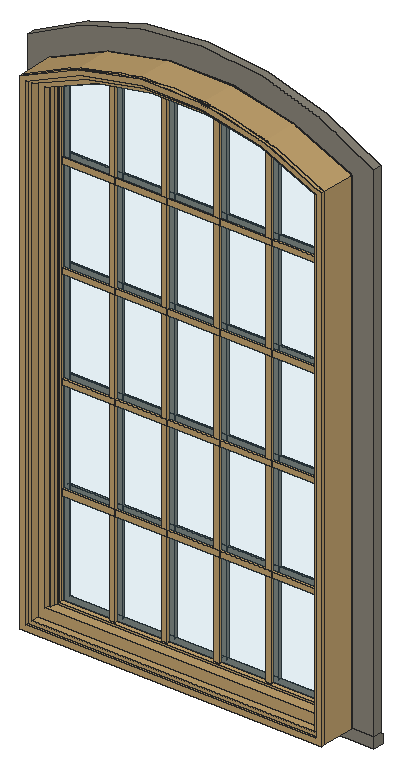
Revit family
Parameters (values of type "CUCART4072")
  Window Type = "Clad Ultimate Casement Round Top RT6"
  URL = "www.marvin.com"
  Subsill Height_2 = if(Subsill A217, 0' 1 11/32", 0' 0 9/16")  # 0' - 1 11/32"
  Subsill Height = if(Subsill A217 Visibility, 0' 1 11/32", if(Subsill A246 Visibility, 0' 0 9/16", 0' 0"))  # 0' - 1 11/32"
  Subsill A246 Visibility = and(Subsill Visibility, Subsill A246)  # no
  Subsill A217 Visibility = and(Subsill Visibility, Subsill A217)  # yes
  RO Radius Constraint = if(RO Radius > (Rough Width / 2) + 0' 1", RO Radius, (Rough Width / 2) + 0' 1")  # 3' - 4 1/2"
  RO Radius = 3' - 4 1/2"
  Plan Swing Angle [instance] = 15.00°
  Muntins Interior Visibility = yes
  Muntins Interior Material = Wood-Marvin-Pine
  Muntins Exterior Visibility = yes
  Muntins Exterior Material = Aluminum-Marvin-Bronze
  Mask Offset [instance] = if(Inset to Installation Flange = 0' 1 3/32", 0' 0 1/32", 0' 0")  # 0' - 0"
  Lites Wide = 5
  Lites High = 5
  Label Egress = if(and(Width > 2' 3 1/8", Height > 4' 5"), "EGRESS WDW", "")  # "EGRESS WDW"
  Interior Material = Wood-Marvin-Pine
  Frame = "Aluminum Clad"
  Flat Casing Visibility = and(Casing Visibility, Flat Casing)  # yes
  Egress Window = "No"
  Design Pressure = "DP50"
  Daylight Area = (DLO Height - DLO Arc Height) * DLO Width + DLO Segment Area  # 15.1836 SF
  DLO Arc Height = DLO Radius - sqrt((DLO Radius ^ 2) - ((DLO Width / 2) ^ 2))  # 0' - 4.17339"
  Cladding Material = Aluminum-Marvin-Bronze
  Casing Width_2 = if(BMC, 0' 1 5/16", 0' 3")  # 0' - 3"
  Casing Visibility = yes
  Subsill Visibility = yes
  BMC Visibility = and(Casing Visibility, BMC)  # no
  BMC = no
  Flat Casing = not(BMC)  # yes
  Subsill A246 = no
  Subsill A217 = not(Subsill A246)  # yes
  Plan Swing RH Visibility [instance] = yes
  Plan Swing LH Visibility [instance] = no
  Glazing Material = Glass-Marvin-IG Low E II with Argon
  Radius = RO Radius Constraint - 0' 0 1/2"  # 3' - 4"
  Nominal Width = 3' - 4"
  Nominal Height = 6' - 0"
  Model = "CUCART4072"
  Mask [instance] = Inset to Installation Flange > 0' 1 3/32"  # no
  Manufacturer = "Marvin Windows and Doors"
  Label Visibility = no
  Glass Type = "IG Low E II with Argon"
  Family created by = "www.rbuiltcomponents.com"
  Rough Width = Width + 0' 1"  # 3' - 5"
  Rough Height = Height + 0' 0 1/2"  # 5' - 11 5/8"
  Jamb Extension Visibility = yes
  Inset to Installation Flange [instance] = 0' - 1"
  Height = Nominal Height - 0' 0 7/8"  # 5' - 11 1/8"
  Elev Swing RH Visibility [instance] = yes
  Elev Swing LH Visibility [instance] = no
  Description = "4072 CSMT RT6"
  Default Head Height = 8' - 0"
  Wall Closure = (empty or 0)
  Width = Nominal Width  # 3' - 4"
  DLO Radius = Radius - 0' 2 29/32"  # 3' - 1 3/32"
  DLO Width = Width - 0' 5 13/16"  # 2' - 10 3/16"
  DLO Height = Height - 0' 5 13/16"  # 5' - 5 5/16"
  Casing Width = if(BMC Visibility, 0' 1 5/16", if(Flat Casing Visibility, 0' 3", 0' 0"))  # 0' - 3"
  Casing Radius = Radius + Casing Width  # 3' - 7"
  Assembly Code = ""
  DLO Segment Area = (DLO Radius ^ 2) / 2 * ((3.1416 / 180) * Angle Sector2 - sin(Angle Sector))  # 0.668351 SF
  Arc Height = RO Radius Constraint - sqrt((RO Radius Constraint ^ 2) - ((Rough Width / 2) ^ 2))  # 0' - 5.5715"
  Angle Sector2 = Angle Sector * 1 / 1.00°  # 54.8808
  Angle Sector = 2 * acos((DLO Radius - DLO Arc Height) / DLO Radius)  # 54.8808°
Reference planes (in)
  plane 1 "Center (Front/Back)": y = 0
  plane 2: z = 0
  plane 3 "Center (Left/Right)": x = -3
  plane 4 "Left": x = -23
  plane 5 "Right": x = 17
  plane 6 "Sill": z = 24.875
  plane 7 "Top": z = 96
  plane 8 "Inset": y = 2
  plane 9 "Glazing": y = 1.53125
  plane 10 "Jamb Ext Face": y = -2.5625
  plane 11: z = 90.9285
  plane 12: z = 60.4375
  plane 13: z = 96.5
  plane 14: x = 17.5
  plane 15: x = -23.5
  plane 16: z = 57.90175
  plane 17: y = -2.59375
Forms (in)
  Sweep 1, solid, material "Wood-Marvin-Pine" <- "Interior Material"
    path origin (0, 2, 0) x (1, 0, 0) y (0, 0, 1)
      loop
        line (-23, 90.64102) -> (-23, 24.875) -> (17, 24.875) -> (17, 90.64102)
        arc (17, 90.64102) -> (-3, 96) -> (-23, 90.64102) r 40
    profile "Profile_Ext_Clad_Frame : Profile_Ext_Clad_Frame" origin (-23, 2, 57.75801) x (1, 0, 0) y (0, -1, 0)
      loop
        line (0, 4.56199) -> (0, 0.0625) -> (0.0625, 0.0625) -> (0.0625, 0) -> (0, 0) -> (0, -1.09401) -> (0.52105, -1.09401) -> (0.6063, 0.125) -> (2.696, 0.125) -> (2.696, 0.22017) -> (2.90625, 0.43042) -> (2.90625, 0.47297) -> (2.208, 0.47297) -> (2.208, 1.50299) -> (2.90625, 1.50299) -> (2.90625, 1.66374) -> (2.677, 1.89299) -> (2.677, 2) -> (2.5005, 2) -> (2.5005, 2.34399) -> (2.313, 2.34399) -> (2.313, 2.87449) -> (2.1255, 2.87449) -> (2.1255, 3.53074) -> (1.188, 3.53074) -> (1.188, 4.56199) -> (0, 4.56199)
  Extrusion 2, solid, material "Glass-Marvin-IG Low E II with Argon" <- "Glazing Material"
    sketch origin (0, 1.53125, 0) x (1, 0, 0) y (0, 0, 1)
      loop
        line (14.792, 27.083) -> (14.792, 89.34187)
        arc (14.792, 89.34187) -> (-3, 93.792) -> (-20.792, 89.34187) r 37.792
        line (-20.792, 89.34187) -> (-20.792, 27.083) -> (14.792, 27.083)
    from 0 to 1.03424
  Extrusion 3, void
    sketch origin (0, 0, 0) x (1, 0, 0) y (0, 0, 1)
      loop
        line (17, 24.875) -> (17, 90.64102)
        arc (17, 90.64102) -> (-3, 96) -> (-23, 90.64102) r 40
        line (-23, 90.64102) -> (-23, 24.875) -> (17, 24.875)
    from -2 to 3
  Extrusion 4, void
    sketch origin (0, 0, 0) x (1, 0, 0) y (0, 0, 1)
      loop
        line (20, 23.53125) -> (20, 92.3318)
        arc (20, 92.3318) -> (-3, 99) -> (-26, 92.3318) r 43
        line (-26, 92.3318) -> (-26, 23.53125) -> (20, 23.53125)
    from -2 to -3.12756
  Sweep 5, solid, material "Aluminum-Marvin-Bronze" <- "Cladding Material", visible <- "BMC Visibility"
    path origin (0, 2, 0) x (1, 0, 0) y (0, 0, 1)
      loop
        line (17, 24.875) -> (17, 90.64102)
        arc (17, 90.64102) -> (-3, 96) -> (-23, 90.64102) r 40
        line (-23, 90.64102) -> (-23, 24.875)
    profile "BMC_Clad : BMC_Clad" origin (-23, 2, 57.75801) x (1, 0, 0) y (0, -1, 0)
      loop
        line (-0.71589, -1.25) -> (-0.38081, -1.09375) -> (0, -1.09375) -> (0, 0) -> (-1.3125, 0) -> (-1.3125, -1.25) -> (-0.71589, -1.25)
  Sweep 6, solid, material "Aluminum-Marvin-Bronze" <- "Cladding Material", visible <- "Flat Casing Visibility"
    path origin (0, 2, 0) x (1, 0, 0) y (0, 0, 1)
      loop
        line (-23, 24.875) -> (-23, 90.64102)
        arc (-23, 90.64102) -> (-3, 96) -> (17, 90.64102) r 40
        line (17, 90.64102) -> (17, 24.875)
    profile "Flat_Casing_Clad : Flat_Casing_Clad" origin (17, 2, 57.75801) x (1, 0, 0) y (0, -1, 0)
      loop
        line (3, -1.09375) -> (3, 0) -> (0, 0) -> (0, -1.09375) -> (3, -1.09375)
  Sweep 7, solid, material "Aluminum-Marvin-Bronze" <- "Cladding Material", visible <- "Subsill Visibility"
    path origin (0, 2, 0) x (1, 0, 0) y (0, 0, 1)
      loop
        line (20, 24.875) -> (-26, 24.875)
    profile origin (-3, 2, 24.875) x (0, 0, -1) y (0, -1, 0)
      loop
        line (0, 0) -> (0, -1.09401) -> (0.15265, -1.09401) -> (0.1875, -1.34375) -> (1.34375, -1.34375) -> (1.34375, 0) -> (0, 0)
  Extrusion 8, solid, material "Wood-Marvin-Pine" <- "Interior Material", visible <- "Jamb Extension Visibility"
    sketch origin (0, -2.5625, 0) x (1, 0, 0) y (0, 0, 1)
      loop
        line (-23, 24.875) -> (17, 24.875) -> (17, 90.64102)
        arc (17, 90.64102) -> (-3, 96) -> (-23, 90.64102) r 40
        line (-23, 90.64102) -> (-23, 24.875)
      loop
        arc (16.3125, 90.29477) -> (-3, 95.35866) -> (-22.3125, 90.29477) r 39.35866
        line (-22.3125, 90.29477) -> (-22.3125, 25.5625) -> (16.3125, 25.5625) -> (16.3125, 90.29477)
    from 0.4375 to 0.03125
  Sweep 9, solid, material "Wood-Marvin-Pine" <- "Interior Material"
    path in 3D
      loop
        line (-20.8745, -1.53074, 27.0005) -> (14.8745, -1.53074, 27.0005)
    profile "Profile_Sill_Close : Profile_Sill_Close" origin (-3, -1.53074, 27.0005) x (0, 1, 0) y (0, 0, 1)
      loop
        line (0, 0) -> (0.65625, 0) -> (0.65625, 0.1875) -> (1.18675, 0.1875) -> (1.18675, 0.375) -> (0, 0.375) -> (0, 0)
Cuts and joins
  joined: Sweep 1, Sweep 9
Lines and regions (in)
  Masking region 1
    outline origin (0, 0, 24.875) x (0, -1, 0) y (1, 0, 0)
      loop
        line (-3.09401, -23) -> (2.5625, -23) -> (2.5625, 17) -> (-3.09401, 17) -> (-3.09401, -23)
  Masking region 2
    outline origin (-3, 0, 0) x (0, 1, 0) y (0, 0, 1)
      loop
        line (3.09375, 96) -> (-2.5625, 96) -> (-2.5625, 24.875) -> (3.09375, 24.875) -> (3.09375, 96)
  Masking region 3, visible <- "Mask"
    outline origin (0, 0, 24.875) x (0, -1, 0) y (1, 0, 0)
      loop
        line (-3.09401, -26) -> (-3, -26) -> (-3, 20) -> (-3.09401, 20) -> (-3.09401, -26)
  Masking region 4, visible <- "Mask"
    outline origin (-3, 0, 0) x (0, 1, 0) y (0, 0, 1)
      loop
        line (3.09375, 99) -> (3, 99) -> (3, 23.53125) -> (3.09375, 23.53125) -> (3.09375, 99)
  Masking region 5, visible <- "Casing Visibility"
    outline origin (0, 0, 24.875) x (0, -1, 0) y (1, 0, 0)
      loop
        line (-3.09401, -26) -> (-2, -26) -> (-2, -23) -> (-3.09401, -23) -> (-3.09401, -26)
      loop
        line (-3.09401, 17) -> (-2, 17) -> (-2, 20) -> (-3.09401, 20) -> (-3.09401, 17)
  Masking region 6, visible <- "Subsill Visibility"
    outline origin (-3, 0, 0) x (0, 1, 0) y (0, 0, 1)
      loop
        line (3.34375, 23.53125) -> (3.34375, 24.6875) -> (3.09401, 24.72235) -> (3.09401, 24.875) -> (2, 24.875) -> (2, 23.53125) -> (3.34375, 23.53125)
  Masking region 7, visible <- "Casing Visibility"
    outline origin (-3, 0, 0) x (0, 1, 0) y (0, 0, 1)
      loop
        line (3.09375, 99) -> (2, 99) -> (2, 96) -> (3.09375, 96) -> (3.09375, 99)
  Masking region 8
    outline origin (0, 0, 24.875) x (0, -1, 0) y (1, 0, 0)
      loop
        line (2.59375, -23) -> (3, -23) -> (3, 17) -> (2.59375, 17) -> (2.59375, -23)
  Masking region 9
    outline origin (-3, 0, 0) x (0, 1, 0) y (0, 0, 1)
      loop
        line (-2.59375, 96) -> (-3, 96) -> (-3, 24.875) -> (-2.59375, 24.875) -> (-2.59375, 96)
  symbolic lines, style "Jamb Extension", visible <- "Jamb Extension Visibility", detail levels fine
    curve 1: line (-3, -3, 95.3125) -> (-3, -2.59375, 95.3125)
    curve 2: line (-3, -3, 25.5625) -> (-3, -2.59375, 25.5625)
    curve 50: line (-22.3125, -2.59375, 24.875) -> (-22.3125, -3, 24.875)
    curve 51: line (16.3125, -3, 24.875) -> (16.3125, -2.59375, 24.875)
    curve 52: line (17, -3, 24.875) -> (16.3125, -3, 24.875)
    curve 53: line (-22.3125, -3, 24.875) -> (-23, -3, 24.875)
  symbolic lines, style "WindowsFrameMullionProjection", detail levels coarse+medium
    curve 3: line (17, -2.5625, 24.875) -> (15.812, -2.5625, 24.875)
    curve 4: line (15.812, -2.5625, 24.875) -> (15.812, 3.09401, 24.875)
    curve 5: line (15.812, 3.09401, 24.875) -> (17, 3.09401, 24.875)
    curve 6: line (15.812, 1.875, 24.875) -> (14.09375, 1.875, 24.875)
    curve 7: line (14.09375, 1.875, 24.875) -> (14.09375, 0, 24.875)
    curve 8: line (-21.812, 0, 24.875) -> (-20.09375, 0, 24.875)
    curve 9: line (-23, -2.5625, 24.875) -> (-21.812, -2.5625, 24.875)
    curve 10: line (-21.812, -2.5625, 24.875) -> (-21.812, 3.09401, 24.875)
    curve 11: line (-21.812, 3.09401, 24.875) -> (-23, 3.09401, 24.875)
    curve 12: line (-20.09375, 1.875, 24.875) -> (-20.09375, 0, 24.875)
    curve 13: line (-3, 3.09401, 96) -> (-3, 3.09401, 94.812)
    curve 14: line (-3, 3.09401, 94.812) -> (-3, -2.5625, 94.812)
    curve 15: line (-3, -2.5625, 94.812) -> (-3, -2.5625, 96)
    curve 16: line (-3, 1.875, 94.812) -> (-3, 1.875, 93.09375)
    curve 17: line (-3, 1.875, 93.09375) -> (-3, 0, 93.09375)
    curve 18: line (-3, 0, 26.063) -> (-3, 0, 27.78125)
    curve 19: line (-3, 3.09401, 24.875) -> (-3, 3.09401, 26.063)
    curve 20: line (-3, 3.09401, 26.063) -> (-3, -2.5625, 26.063)
    curve 21: line (-3, -2.5625, 26.063) -> (-3, -2.5625, 24.875)
    curve 22: line (-3, 1.875, 27.78125) -> (-3, 0, 27.78125)
    curve 23: line (14.09375, 1.875, 24.875) -> (-20.09375, 1.875, 24.875)
    curve 24: line (14.09375, 0, 24.875) -> (15.812, 0, 24.875)
    curve 25: line (-20.09375, 1.875, 24.875) -> (-21.812, 1.875, 24.875)
    curve 26: line (-3, 0, 27.78125) -> (-3, 0, 93.09375)
    curve 27: line (-3, 1.875, 27.78125) -> (-3, 1.875, 26.063)
    curve 28: line (-3, 0, 93.09375) -> (-3, 0, 94.812)
    curve 29: line (-3, 1.875, 93.09375) -> (-3, 1.875, 27.78125)
    curve 39: line (-20.09375, 0, 24.875) -> (14.09375, 0, 24.875)
    curve 74: line (-3, -3, 96) -> (-3, 3.09375, 96)
    curve 85: line (-23, 3.09375, 24.875) -> (-23, -3, 24.875)
    curve 94: line (17, 3.09375, 24.875) -> (17, -3, 24.875)
  symbolic lines, style "Jamb Extension", visible <- "Jamb Extension Visibility"
    curve 30: line (-3, -3, 25.5625) -> (-3, -3, 24.875)
    curve 31: line (-3, -3, 95.3125) -> (-3, -3, 96)
  symbolic lines, style "WindowsFrameMullionProjection", visible <- "Jamb Extension Visibility", detail levels coarse+medium
    curve 32: line (-3, -2.59375, 95.3125) -> (-3, -3, 95.3125)
    curve 33: line (-3, -3, 95.3125) -> (-3, -3, 96)
    curve 34: line (-3, -2.59375, 25.5625) -> (-3, -3, 25.5625)
    curve 35: line (-3, -3, 25.5625) -> (-3, -3, 24.875)
    curve 54: line (-22.3125, -2.59375, 24.875) -> (-22.3125, -3, 24.875)
    curve 55: line (-23, -3, 24.875) -> (-22.3125, -3, 24.875)
    curve 56: line (16.3125, -3, 24.875) -> (16.3125, -2.59375, 24.875)
    curve 57: line (16.3125, -3, 24.875) -> (17, -3, 24.875)
  symbolic lines, style "Elevation Swing", visible <- "Elev Swing LH Visibility"
    curve 36: line (16.3937, 0, 57.90175) -> (-22.3937, 0, 25.4813)
    curve 95: line (16.3937, 0, 57.90175) -> (-22.3937, 0, 90.28918)
  symbolic lines, style "Elevation Swing", visible <- "Elev Swing RH Visibility"
    curve 37: line (-22.3937, 0, 57.90175) -> (16.3937, 0, 25.4813)
    curve 96: line (-22.3937, 0, 57.90175) -> (16.3937, 0, 90.28918)
  symbolic lines, style "WindowsGlassProjection", detail levels coarse+medium
    curve 38: line (-20.09375, 0.9375, 24.875) -> (14.09375, 0.9375, 24.875)
    curve 70: line (-3, 0.9375, 27.78125) -> (-3, 0.9375, 93.09375)
  symbolic lines, style "Jamb Extension", visible <- "BMC Visibility", detail levels fine
    curve 40: line (-24.3125, 3.25, 24.875) -> (-23.71589, 3.25, 24.875)
    curve 41: line (-23.71589, 3.25, 24.875) -> (-23.38081, 3.09375, 24.875)
    curve 42: line (-24.3125, 3.09401, 24.875) -> (-24.3125, 3.25, 24.875)
    curve 43: line (17.71589, 3.25, 24.875) -> (18.3125, 3.25, 24.875)
    curve 44: line (17.38081, 3.09375, 24.875) -> (17.71589, 3.25, 24.875)
    curve 45: line (18.3125, 3.25, 24.875) -> (18.3125, 3.09401, 24.875)
    curve 46: line (-23.38081, 3.09375, 24.875) -> (-23, 3.09375, 24.875)
    curve 47: line (17.38081, 3.09375, 24.875) -> (17, 3.09375, 24.875)
    curve 76: line (-3, 3.25, 96.65144) -> (-3, 3.25, 99)
    curve 77: line (-3, 3.09375, 96) -> (-3, 3.09375, 96.38081)
    curve 78: line (-3, 3.09375, 96.38081) -> (-3, 3.25, 96.65144)
    curve 79: line (-3, 3.25, 99) -> (-3, 3.09375, 99)
  symbolic lines, style "Jamb Extension", visible <- "Flat Casing Visibility", detail levels fine
    curve 48: line (-23, 3.09401, 24.875) -> (-26, 3.09401, 24.875)
    curve 49: line (20, 3.09401, 24.875) -> (17, 3.09401, 24.875)
    curve 83: line (-3, 3.09375, 96) -> (-3, 3.09375, 99)
    curve 84: line (-3, 3.09375, 99) -> (-3, 2, 99)
  symbolic lines, style "WindowsFrameMullionProjection", visible <- "BMC Visibility", detail levels coarse+medium
    curve 58: line (-24.3125, 2, 24.875) -> (-24.3125, 3.25, 24.875)
    curve 59: line (-24.3125, 3.25, 24.875) -> (-23.71589, 3.25, 24.875)
    curve 60: line (-23.71589, 3.25, 24.875) -> (-23.38081, 3.09375, 24.875)
    curve 61: line (-23.38081, 3.09375, 24.875) -> (-23, 3.09375, 24.875)
    curve 62: line (18.3125, 3.25, 24.875) -> (18.3125, 2, 24.875)
    curve 63: line (17.38081, 3.09375, 24.875) -> (17.71589, 3.25, 24.875)
    curve 64: line (17.71589, 3.25, 24.875) -> (18.3125, 3.25, 24.875)
    curve 65: line (17, 3.09375, 24.875) -> (17.38081, 3.09375, 24.875)
    curve 71: line (-3, 3.25, 96.65144) -> (-3, 3.25, 99)
    curve 72: line (-3, 3.09375, 96) -> (-3, 3.09375, 96.38081)
    curve 73: line (-3, 3.09375, 96.38081) -> (-3, 3.25, 96.65144)
    curve 75: line (-3, 3.25, 99) -> (-3, 2, 99)
  symbolic lines, style "WindowsFrameMullionProjection", visible <- "Flat Casing Visibility", detail levels coarse+medium
    curve 66: line (20, 3.09401, 24.875) -> (17, 3.09401, 24.875)
    curve 67: line (20, 3.09401, 24.875) -> (20, 2, 24.875)
    curve 68: line (-26, 2, 24.875) -> (-26, 3.09401, 24.875)
    curve 69: line (-23, 3.09401, 24.875) -> (-26, 3.09401, 24.875)
    curve 81: line (-3, 3.09375, 96) -> (-3, 3.09375, 99)
    curve 82: line (-3, 3.09375, 99) -> (-3, 2, 99)
  symbolic lines, style "WindowsFrameMullionProjection", visible <- "Casing Visibility", detail levels coarse+medium
    curve 80: line (-3, 2, 99) -> (-3, 2, 96)
  symbolic lines, style "WindowsFrameMullionProjection", visible <- "Subsill Visibility", detail levels coarse+medium
    curve 86: line (-3, 3.09401, 24.72235) -> (-3, 3.09401, 24.875)
    curve 87: line (-3, 3.34375, 24.6875) -> (-3, 3.09401, 24.72235)
    curve 88: line (-3, 3.34375, 23.53125) -> (-3, 3.34375, 24.6875)
    curve 89: line (-3, 2, 23.53125) -> (-3, 3.34375, 23.53125)
  sketch lines
    curve 90: line (-20.8745, -1.53074, 27.0005) -> (14.8745, -1.53074, 27.0005)
  reference lines
    curve 91: arc (17.5, 2, 90.9285) -> (-3, 2, 96.5) -> (-23.5, 2, 90.9285) r 40.5
    curve 92: arc (17.19672, 2, 90.52669) -> (-3, 2, 96) -> (-23.19672, 2, 90.52669) r 40
    curve 93: arc (-25.01639, 2, 92.93614) -> (-3, 2, 99) -> (19.01639, 2, 92.93614) r 43
Text (in)
  text "EXTERIOR" at (-58.6888, 50.90694, 0), in view "Ref. Level"
  text "INTERIOR" at (-58.6888, -37.76638, 0), in view "Ref. Level"
  text "Exterior" at (0, 43.65631, 123.19604), in view "Left"
  text "Exterior" at (0, 18.29385, 125.04747), in view "Right"
Dimensions and locks (in)
  equal spacing: plane 4 "Left", plane 3 "Center (Left/Right)", plane 5 "Right"
  "Width": plane 4 "Left" to plane 5 "Right"
  "Height": plane 6 "Sill" to plane 7 "Top"
  "Inset to Installation Flange": host wall to plane 8 "Inset"
  locked: plane 9 "Glazing" to plane 8 "Inset" at 0.46875
  locked: plane 10 "Jamb Ext Face" to plane 8 "Inset" at 4.5625
  "Default Head Height": plane 2 to plane 7 "Top"
  locked: nested 2 to host wall at 12.00106
  locked: plane 9 "Glazing" to Extrusion 2 at 1.03424
  locked: curve 32 to plane 7 "Top" at 0.6875
  locked: plane 6 "Sill" to curve 34 at 0.6875
  equal spacing: plane 6 "Sill", plane 12, plane 7 "Top"
  "Subsill Height": Extrusion 4 sketch curve to plane 6 "Sill"
  "Casing Width": Extrusion 4 sketch curve to plane 4 "Left"
  "Casing Width": plane 5 "Right" to Sweep 7 sketch curve
  "Casing Width": Sweep 7 sketch curve to plane 4 "Left"
  locked: Sweep 7 sketch curve to Sweep 7 sketch curve at 1.34375
  "Subsill Height_2": Sweep 7 sketch curve to plane 6 "Sill"
  locked: plane 4 "Left" to Extrusion 8 sketch curve at 0.6875
  locked: Extrusion 8 sketch curve to plane 5 "Right" at 0.6875
  locked: Extrusion 8 sketch curve to plane 6 "Sill" at 0.6875
  "Casing Width": Masking region 3 sketch curve to plane 4 "Left"
  "Casing Width": plane 5 "Right" to Masking region 3 sketch curve
  "Casing Width_2": Masking region 5 sketch curve to plane 4 "Left"
  "Casing Width_2": plane 5 "Right" to Masking region 5 sketch curve
  locked: Extrusion 4 to host wall at 0.12756
  "Subsill Height": Masking region 4 sketch curve to plane 6 "Sill"
  "Casing Width": plane 7 "Top" to Masking region 4 sketch curve
  "Casing Width_2": plane 7 "Top" to Masking region 7 sketch curve
  locked: nested 5 to plane 9 "Glazing" at 1.03125
  locked: plane 7 "Top" to plane 13 at 0.5
  "Arc Height": plane 11 to plane 13
  locked: plane 5 "Right" to plane 14 at 0.5
  locked: plane 15 to plane 4 "Left" at 0.5
  "Casing Width": plane 5 "Right" to Extrusion 4 sketch curve
  equal spacing: plane 6 "Sill", plane 16, plane 11
  locked: plane 17 to plane 10 "Jamb Ext Face" at 0.03125
  "Mask Offset": Masking region 3 sketch curve to host wall
  "Mask Offset": Masking region 4 sketch curve to host wall
  "RO Radius Constraint": radius of curve 91
  "Radius": radius of curve 92
  "Casing Radius": radius of curve 93
  aligned and locked: nested 1 to plane 3 "Center (Left/Right)"
  aligned and locked: plane 8 "Inset" to nested 1
  aligned and locked: Sweep 1 sketch curve to plane 6 "Sill"
  aligned and locked: plane 5 "Right" to Sweep 1 sketch curve
  aligned and locked: plane 5 "Right" to Masking region 1 sketch curve
  aligned and locked: Masking region 1 sketch curve to plane 4 "Left"
  aligned and locked: plane 7 "Top" to Masking region 2 sketch curve
  aligned and locked: Masking region 2 sketch curve to plane 6 "Sill"
  aligned and locked: plane 3 "Center (Left/Right)" to nested 2
  aligned and locked: curve 21 to plane 10 "Jamb Ext Face"
  aligned and locked: plane 6 "Sill" to curve 30
  aligned and locked: curve 30 to host wall
  aligned and locked: host wall to curve 33
  aligned and locked: plane 6 "Sill" to curve 35
  aligned and locked: Extrusion 2 to plane 9 "Glazing"
  aligned and locked: plane 9 "Glazing" to Extrusion 2
  aligned and locked: nested 3 to plane 6 "Sill"
  aligned and locked: curve 14 to nested 3
  aligned and locked: curve 13 to nested 3
  aligned and locked: curve 16 to nested 3
  aligned and locked: curve 28 to nested 3
  aligned and locked: curve 17 to nested 3
  aligned and locked: curve 19 to nested 3
  aligned and locked: curve 20 to nested 3
  aligned and locked: curve 22 to nested 3
  aligned and locked: curve 27 to nested 3
  aligned and locked: nested 3 to curve 18
  aligned and locked: Sweep 1 to Extrusion 2 sketch curve
  aligned and locked: Extrusion 2 sketch curve to Sweep 1
  aligned and locked: Extrusion 3 to plane 8 "Inset"
  aligned and locked: host wall to Extrusion 3
  aligned and locked: Extrusion 3 sketch curve to plane 6 "Sill"
  aligned and locked: Extrusion 3 sketch curve to plane 4 "Left"
  aligned and locked: Sweep 5 sketch curve to plane 4 "Left"
  aligned and locked: plane 6 "Sill" to Sweep 5 sketch curve  (x2)
  aligned and locked: plane 6 "Sill" to Sweep 6 sketch curve  (x2)
  aligned and locked: Sweep 6 sketch curve to plane 4 "Left"
  aligned and locked: plane 6 "Sill" to Sweep 7 sketch curve  (x2)
  aligned and locked: Sweep 7 sketch curve to plane 8 "Inset"
  aligned and locked: Extrusion 8 sketch curve to plane 6 "Sill"
  aligned and locked: plane 5 "Right" to Extrusion 8 sketch curve
  aligned and locked: host wall to Extrusion 8
  aligned and locked: Masking region 3 sketch curve to Sweep 1
  aligned and locked: Masking region 1 sketch curve to Sweep 1
  aligned and locked: plane 4 "Left" to Masking region 5 sketch curve
  aligned and locked: Masking region 5 sketch curve to Sweep 1  (x2)
  aligned and locked: Masking region 5 sketch curve to plane 8 "Inset"  (x2)
  aligned and locked: Masking region 5 sketch curve to plane 5 "Right"
  aligned and locked: curve 7 to curve 38
  aligned and locked: curve 12 to curve 39
  aligned and locked: curve 8 to curve 39
  aligned and locked: curve 40 to Sweep 5
  aligned and locked: Sweep 5 to curve 41
  aligned and locked: Sweep 5 to curve 42
  aligned and locked: Sweep 1 to curve 42
  aligned and locked: curve 45 to Sweep 1
  aligned and locked: curve 47 to Sweep 5
  aligned and locked: plane 5 "Right" to curve 47
  aligned and locked: curve 48 to Masking region 5
  aligned and locked: plane 8 "Inset" to Extrusion 4
  aligned and locked: curve 50 to Extrusion 8
  aligned and locked: curve 52 to Extrusion 8
  aligned and locked: Extrusion 8 to curve 54  (x2)
  aligned and locked: curve 56 to Extrusion 8
  aligned and locked: curve 58 to Sweep 5
  aligned and locked: curve 61 to Sweep 5
  aligned and locked: curve 66 to Masking region 5
  aligned and locked: curve 67 to Sweep 6
  aligned and locked: curve 68 to Sweep 6
  aligned and locked: Masking region 2 sketch curve to Sweep 6
  aligned and locked: nested 3 to plane 8 "Inset"
  aligned and locked: Masking region 4 sketch curve to Sweep 6
  aligned and locked: Masking region 6 sketch curve to Sweep 7  (x6)
  aligned and locked: Masking region 7 sketch curve to plane 7 "Top"
  aligned and locked: Masking region 7 sketch curve to plane 8 "Inset"
  aligned and locked: Sweep 6 to Masking region 7 sketch curve
  aligned and locked: Sweep 5 to curve 72
  aligned and locked: curve 74 to nested 3
  aligned and locked: curve 75 to Masking region 7
  aligned and locked: Sweep 5 to curve 76
  aligned and locked: curve 80 to Sweep 5
  aligned and locked: curve 84 to Masking region 7
  aligned and locked: curve 85 to Sweep 6
  aligned and locked: plane 12 to nested 4
  aligned and locked: nested 5 to plane 12
  aligned and locked: nested 4 to plane 3 "Center (Left/Right)"
  aligned and locked: plane 3 "Center (Left/Right)" to nested 5
  aligned and locked: plane 9 "Glazing" to nested 4
  aligned and locked: curve 86 to Sweep 7
  aligned and locked: curve 87 to Sweep 7
  aligned and locked: curve 88 to Sweep 7
  aligned and locked: curve 89 to Sweep 7
  aligned and locked: plane 14 to curve 91
  aligned and locked: plane 15 to curve 91
  aligned and locked: plane 11 to curve 91  (x2)
  aligned and locked: Sweep 1 sketch curve to plane 4 "Left"
  aligned and locked: Sweep 1 sketch curve to curve 92
  aligned and locked: plane 5 "Right" to Sweep 5 sketch curve
  aligned and locked: Sweep 6 sketch curve to plane 5 "Right"
  aligned and locked: Sweep 6 sketch curve to curve 92
  aligned and locked: Sweep 5 sketch curve to curve 92
  aligned and locked: plane 5 "Right" to Extrusion 3 sketch curve
  aligned and locked: Extrusion 3 sketch curve to curve 92
  aligned and locked: Extrusion 4 sketch curve to curve 93
  aligned and locked: Extrusion 2 sketch curve to cut or joined group of Sweep 1, Sweep 9  (x2)
  aligned and locked: plane 4 "Left" to Extrusion 8 sketch curve
  aligned and locked: Extrusion 8 sketch curve to curve 92
  aligned and locked: curve 8 to cut or joined group of Sweep 1, Sweep 9
  aligned and locked: cut or joined group of Sweep 1, Sweep 9 to curve 24
  aligned and locked: plane 5 "Right" to curve 94
  aligned and locked: curve 37 to cut or joined group of Sweep 1, Sweep 9
  aligned and locked: cut or joined group of Sweep 1, Sweep 9 to curve 36  (x2)
  aligned and locked: cut or joined group of Sweep 1, Sweep 9 to curve 96  (x2)
  aligned and locked: curve 95 to cut or joined group of Sweep 1, Sweep 9
  aligned and locked: plane 16 to curve 36
  aligned and locked: plane 16 to curve 96
  aligned and locked: Extrusion 8 to curve 50
  aligned and locked: Extrusion 8 to curve 56
  aligned and locked: Extrusion 8 to curve 51
  aligned and locked: Masking region 1 sketch curve to plane 10 "Jamb Ext Face"
  aligned and locked: host wall to curve 55
  aligned and locked: plane 10 "Jamb Ext Face" to curve 9
  aligned and locked: Masking region 8 sketch curve to plane 4 "Left"
  aligned and locked: plane 5 "Right" to Masking region 8 sketch curve
  aligned and locked: plane 17 to Masking region 8 sketch curve
  aligned and locked: Masking region 8 sketch curve to host wall
  aligned and locked: Extrusion 8 to curve 32
  aligned and locked: Extrusion 8 to curve 1
  aligned and locked: Extrusion 8 to curve 34
  aligned and locked: Extrusion 8 to curve 2
  aligned and locked: Extrusion 8 to plane 17
  aligned and locked: Masking region 2 sketch curve to plane 10 "Jamb Ext Face"
  aligned and locked: plane 7 "Top" to Masking region 9 sketch curve
  aligned and locked: Masking region 9 sketch curve to plane 6 "Sill"
  aligned and locked: plane 17 to Masking region 9 sketch curve
  aligned and locked: Masking region 9 sketch curve to host wall
Automatic sketch dimensions
  Sweep 7 sketch curve to Sweep 7 sketch curve = 0' - 0.15265"
  Sweep 7 sketch curve to Sweep 7 sketch curve = 0' - 0.03485"
  Sweep 7 sketch curve to Sweep 7 sketch curve = 0' - 0.24974"
  curve 91 to curve 92 = 0' - 0"  (x2)
  plane 4 "Left" to curve 92 = 0' - 0.19672"
  curve 92 to plane 5 "Right" = 0' - 0.19672"
  curve 91 to curve 93 = 0' - 0"  (x2)
  plane 15 to curve 93 = 0' - 1.51639"
  curve 93 to plane 14 = 0' - 1.51639"
  Extrusion 8 sketch curve to Extrusion 8 sketch curve = 0' - 0"  (x2)
  Extrusion 8 sketch curve to Extrusion 8 sketch curve = 0' - 0.34625"
  curve 37 to plane 6 "Sill" = 0' - 0.6063"
  curve 36 to plane 6 "Sill" = 0' - 0.6063"
  plane 11 to curve 96 = 0' - 0.63931"
  plane 11 to curve 95 = 0' - 0.63931"
  curve 62 to plane 8 "Inset" = 0' - 0"
  curve 68 to plane 8 "Inset" = 0' - 0"
  curve 58 to plane 8 "Inset" = 0' - 0"
  curve 67 to plane 8 "Inset" = 0' - 0"
  curve 4 to plane 10 "Jamb Ext Face" = 0' - 0"
  curve 11 to plane 4 "Left" = 0' - 0"
  curve 5 to plane 5 "Right" = 0' - 0"
  curve 62 to curve 45 = 0' - 0.15599"
  plane 8 "Inset" to curve 25 = 0' - 0 1/8"
  plane 9 "Glazing" to curve 38 = 0' - 0 19/32"
  curve 50 to curve 9 = 0' - 0.5005"
  curve 25 to curve 12 = 0' - 1.71825"
  plane 5 "Right" to curve 39 = 0' - 2 29/32"
  plane 5 "Right" to curve 4 = 0' - 1.188"
  plane 14 to curve 65 = 0' - 0.11919"
  curve 64 to plane 14 = 0' - 0.21589"
  curve 43 to curve 62 = 0' - 0.59661"
  curve 15 to plane 10 "Jamb Ext Face" = 0' - 0"
  curve 89 to plane 8 "Inset" = 0' - 0"
  curve 21 to plane 6 "Sill" = 0' - 0"
  curve 86 to plane 6 "Sill" = 0' - 0"
  curve 13 to plane 7 "Top" = 0' - 0"
  curve 80 to plane 7 "Top" = 0' - 0"
  plane 9 "Glazing" to curve 70 = 0' - 0 19/32"
  plane 13 to curve 72 = 0' - 0.11919"
  curve 71 to plane 13 = 0' - 0.15144"
Nested families (in)
  nested 1: "Roundtop_Plan_Detail" at (-3, 2, 24.875) x (-1, 0, 0) z (0, 0, -1), type "Roundtop_Plan_Detail"
    with Width 3' - 4", Plan Swing Length 3' - 1 5/8", Plan Swing LH no
  nested 2: "Label Annotation 1-16 w" at (-3, 15.00106, 0), visible <- "Label Visibility", type "Label Annotation 1-16 w"
  nested 3: "Roundtop_Section_Detail" at (-3, 2, 24.875) x (0, -1, 0) z (1, 0, 0), type "Roundtop_Section_Detail", detail levels fine
    with Height 5' - 11 1/8"
  nested 4: "Muntins" at (-3, 1.53125, -8.21875), Muntin Material <- "Muntins Exterior Material", visible <- "Muntins Exterior Visibility", type "Muntins"
    with Muntin Material Aluminum-Marvin-Bronze
  nested 5: "Muntins" at (-3, 0.5, -8.21875), Muntin Material <- "Muntins Interior Material", visible <- "Muntins Interior Visibility", type "Muntins"
    with Muntin Material Wood-Marvin-Pine
Definition of nested family "Muntins"
  Parameters (values of type "Muntins")
    Radius Offset = RO Radius - 0' 3 13/32"  # 3' - 1 3/32"
    RO Radius = 3' - 4 1/2"
    GlazingWidth = 2' - 10 3/16"
    GlazingHeight = 5' - 5 5/16"
    Width = GlazingWidth + 0' 0 7/16"  # 2' - 10 5/8"
    VerticalMuntins = if(LitesHorizontal < 3, 2, LitesHorizontal - 1)  # 4
    VertMuntVisible = LitesHorizontal > 2  # yes
    MuntinWidth = 0' - 0 3/4"
    MuntinDepth = 0' - 0 1/4"
    Muntin Material [instance] = none
    LitesVertical = 5
    LitesHorizontal = 5
    HorizontalMuntins = if(LitesVertical < 3, 2, LitesVertical - 1)  # 4
    HorizMuntVisible = LitesVertical > 2  # yes
    Height = GlazingHeight + 0' 0 7/16"  # 5' - 5 3/4"
    Inset Vert = if(LitesHorizontal < 3, (Width / 3) - (MuntinWidth / 2), (Width / LitesHorizontal) - (MuntinWidth / 2))  # 0' - 6.55"
    Inset Horiz = if(LitesVertical < 3, (Height / 3) - (MuntinWidth / 2), (Height / LitesVertical) - (MuntinWidth / 2))  # 1' - 0.775"
    CenterMuntinVertical = LitesHorizontal = 2  # no
    CenterMuntinHorizontal = LitesVertical = 2  # no
    Assembly Code = ""
    Arc Height = 0' - 5.5715"
  Reference planes (in)
    plane 1 "Center (Front/Back)": y = 0
    plane 2: z = 0
    plane 3 "Center (Left/Right)": x = 0
    plane 4: z = 35.78125
    plane 5: z = 68.65625
    plane 6: z = 101.53125
    plane 7: z = 88.75625
    plane 8: z = 48.55625
    plane 9: z = 101.3125
    plane 10: z = 36
    plane 11: x = -17.09375
    plane 12: x = 17.09375
    plane 13: x = -10.7625
    plane 14: x = -17.3125
    plane 15: x = 17.3125
    plane 16: x = 10.7625
    plane 17: z = 33.09375
    plane 18: z = 104.9375
    plane 19: z = 99.366
    plane 20: x = -20.5
    plane 21: x = 20.5
  Forms (in)
    Extrusion 1, solid, material <- "Muntin Material", visible <- "CenterMuntinVertical", detail levels medium+fine
      sketch origin (9, 0, 0) x (1, 0, 0) y (0, 0, 1)
        loop
          line (-9.375, 101.53125) -> (-9.375, 35.78125) -> (-8.625, 35.78125) -> (-8.625, 101.53125) -> (-9.375, 101.53125)
      from 0 to 0.25 <- "MuntinDepth"
    Extrusion 2, solid, material <- "Muntin Material", visible <- "CenterMuntinHorizontal", detail levels medium+fine
      sketch origin (-0.0013, 0, 14.6875) x (1, 0, 0) y (0, 0, 1)
        loop
          line (-17.3112, 54.34375) -> (-17.3112, 53.59375) -> (17.3138, 53.59375) -> (17.3138, 54.34375) -> (-17.3112, 54.34375)
      from 0 to 0.25 <- "MuntinDepth"
    Extrusion 3, solid, material <- "Muntin Material", visible <- "VertMuntVisible", detail levels medium+fine
      sketch origin (-0.37262, 0, -2.90625) x (1, 0, 0) y (0, 0, 1)
        loop
          line (-10.38988, 104.4375) -> (-10.38988, 38.6875) -> (-9.63988, 38.6875) -> (-9.63988, 104.4375) -> (-10.38988, 104.4375)
      from 0 to 0.25 <- "MuntinDepth"
    Extrusion 4, solid, material <- "Muntin Material", visible <- "HorizMuntVisible", detail levels medium+fine
      sketch origin (1.9974, 0, 2.65893) x (1, 0, 0) y (0, 0, 1)
        loop
          line (-19.3099, 46.64732) -> (-19.3099, 45.89732) -> (15.3151, 45.89732) -> (15.3151, 46.64732) -> (-19.3099, 46.64732)
      from 0 to 0.25 <- "MuntinDepth"
    Extrusion 5, void
      sketch origin (0, 0, 0) x (1, 0, 0) y (0, 0, 1)
        loop
          arc (-17.3125, 97.24335) -> (0, 101.53125) -> (17.3125, 97.24335) r 37.09375
          line (17.3125, 97.24335) -> (20.5, 97.24335) -> (20.5, 104.9375) -> (-20.5, 104.9375) -> (-20.5, 97.24335) -> (-17.3125, 97.24335)
      from -1 to 1
    Extrusion 6, solid, material <- "Muntin Material", visible <- "CenterMuntinVertical", detail levels coarse
      sketch origin (9, 0, 0) x (1, 0, 0) y (0, 0, 1)
        loop
          line (-9.03125, 101.53125) -> (-9.03125, 35.78125) -> (-8.96875, 35.78125) -> (-8.96875, 101.53125) -> (-9.03125, 101.53125)
      from 0 to 0.0625
    Extrusion 7, solid, material <- "Muntin Material", visible <- "VertMuntVisible", detail levels coarse
      sketch origin (-0.38824, 0, 0) x (1, 0, 0) y (0, 0, 1)
        loop
          line (-10.01488, 101.53125) -> (-10.01488, 35.78125) -> (-9.98363, 35.78125) -> (-9.98363, 101.53125) -> (-10.01488, 101.53125)
      from 0 to 0.0625
    Extrusion 8, solid, material <- "Muntin Material", visible <- "CenterMuntinHorizontal", detail levels coarse
      sketch origin (-0.0013, 0, 14.6875) x (1, 0, 0) y (0, 0, 1)
        loop
          line (-17.3112, 54) -> (-17.3112, 53.9375) -> (17.3138, 53.9375) -> (17.3138, 54) -> (-17.3112, 54)
      from 0 to 0.0625
    Extrusion 9, solid, material <- "Muntin Material", visible <- "HorizMuntVisible", detail levels coarse
      sketch origin (-4.0013, 0, 0.0183) x (1, 0, 0) y (0, 0, 1)
        loop
          line (-13.3112, 48.95982) -> (-13.3112, 48.89732) -> (21.3138, 48.89732) -> (21.3138, 48.95982) -> (-13.3112, 48.95982)
      from 0 to 0.0625
    Extrusion 10, solid, material <- "Muntin Material", visible <- "VertMuntVisible", detail levels medium+fine
      sketch origin (20.40238, 0, -2.90625) x (1, 0, 0) y (0, 0, 1)
        loop
          line (-10.38988, 104.4375) -> (-10.38988, 38.6875) -> (-9.63988, 38.6875) -> (-9.63988, 104.4375) -> (-10.38988, 104.4375)
      from 0 to 0.25 <- "MuntinDepth"
    Extrusion 11, solid, material <- "Muntin Material", visible <- "VertMuntVisible", detail levels coarse
      sketch origin (20.38676, 0, 0) x (1, 0, 0) y (0, 0, 1)
        loop
          line (-10.01488, 101.53125) -> (-10.01488, 35.78125) -> (-9.98363, 35.78125) -> (-9.98363, 101.53125) -> (-10.01488, 101.53125)
      from 0 to 0.0625
    Extrusion 12, solid, material <- "Muntin Material", visible <- "VertMuntVisible", detail levels medium+fine
      sketch origin (6.55238, 0, -2.90625) x (1, 0, 0) y (0, 0, 1)
        loop
          line (-10.38988, 104.4375) -> (-10.38988, 38.6875) -> (-9.63988, 38.6875) -> (-9.63988, 104.4375) -> (-10.38988, 104.4375)
      from 0 to 0.25 <- "MuntinDepth"
    Extrusion 13, solid, material <- "Muntin Material", visible <- "VertMuntVisible", detail levels coarse
      sketch origin (6.53676, 0, 0) x (1, 0, 0) y (0, 0, 1)
        loop
          line (-10.01488, 101.53125) -> (-10.01488, 35.78125) -> (-9.98363, 35.78125) -> (-9.98363, 101.53125) -> (-10.01488, 101.53125)
      from 0 to 0.0625
    Extrusion 14, solid, material <- "Muntin Material", visible <- "HorizMuntVisible", detail levels medium+fine
      sketch origin (1.9974, 0, 42.10893) x (1, 0, 0) y (0, 0, 1)
        loop
          line (-19.3099, 46.64732) -> (-19.3099, 45.89732) -> (15.3151, 45.89732) -> (15.3151, 46.64732) -> (-19.3099, 46.64732)
      from 0 to 0.25 <- "MuntinDepth"
    Extrusion 15, solid, material <- "Muntin Material", visible <- "HorizMuntVisible", detail levels coarse
      sketch origin (-4.0013, 0, 39.4683) x (1, 0, 0) y (0, 0, 1)
        loop
          line (-13.3112, 48.95982) -> (-13.3112, 48.89732) -> (21.3138, 48.89732) -> (21.3138, 48.95982) -> (-13.3112, 48.95982)
      from 0 to 0.0625
    Extrusion 16, solid, material <- "Muntin Material", visible <- "HorizMuntVisible", detail levels medium+fine
      sketch origin (1.9974, 0, 15.80893) x (1, 0, 0) y (0, 0, 1)
        loop
          line (-19.3099, 46.64732) -> (-19.3099, 45.89732) -> (15.3151, 45.89732) -> (15.3151, 46.64732) -> (-19.3099, 46.64732)
      from 0 to 0.25 <- "MuntinDepth"
    Extrusion 17, solid, material <- "Muntin Material", visible <- "HorizMuntVisible", detail levels coarse
      sketch origin (-4.0013, 0, 13.1683) x (1, 0, 0) y (0, 0, 1)
        loop
          line (-13.3112, 48.95982) -> (-13.3112, 48.89732) -> (21.3138, 48.89732) -> (21.3138, 48.95982) -> (-13.3112, 48.95982)
      from 0 to 0.0625
    Extrusion 18, solid, material <- "Muntin Material", visible <- "HorizMuntVisible", detail levels medium+fine
      sketch origin (1.9974, 0, 28.95893) x (1, 0, 0) y (0, 0, 1)
        loop
          line (-19.3099, 46.64732) -> (-19.3099, 45.89732) -> (15.3151, 45.89732) -> (15.3151, 46.64732) -> (-19.3099, 46.64732)
      from 0 to 0.25 <- "MuntinDepth"
    Extrusion 19, solid, material <- "Muntin Material", visible <- "HorizMuntVisible", detail levels coarse
      sketch origin (-4.0013, 0, 26.3183) x (1, 0, 0) y (0, 0, 1)
        loop
          line (-13.3112, 48.95982) -> (-13.3112, 48.89732) -> (21.3138, 48.89732) -> (21.3138, 48.95982) -> (-13.3112, 48.95982)
      from 0 to 0.0625
    Extrusion 20, solid, material <- "Muntin Material", visible <- "VertMuntVisible", detail levels medium+fine
      sketch origin (13.47738, 0, -2.90625) x (1, 0, 0) y (0, 0, 1)
        loop
          line (-10.38988, 104.4375) -> (-10.38988, 38.6875) -> (-9.63988, 38.6875) -> (-9.63988, 104.4375) -> (-10.38988, 104.4375)
      from 0 to 0.25 <- "MuntinDepth"
    Extrusion 21, solid, material <- "Muntin Material", visible <- "VertMuntVisible", detail levels coarse
      sketch origin (13.46176, 0, 0) x (1, 0, 0) y (0, 0, 1)
        loop
          line (-10.01488, 101.53125) -> (-10.01488, 35.78125) -> (-9.98363, 35.78125) -> (-9.98363, 101.53125) -> (-10.01488, 101.53125)
      from 0 to 0.0625
  Cuts and joins
    Extrusion 5 cuts Extrusion 3
    Extrusion 5 cuts Extrusion 7
    Extrusion 5 cuts Extrusion 10
    Extrusion 5 cuts Extrusion 11
  Lines and regions (in)
    reference lines
      curve 1: arc (-20.5, 0, 99.366) -> (0, 0, 104.9375) -> (20.5, 0, 99.366) r 40.5
      curve 2: arc (18.43391, 0, 96.62658) -> (0, 0, 101.53125) -> (-18.43391, 0, 96.62658) r 37.09375
  Dimensions and locks (in)
    "Inset Horiz": plane 6 to plane 7
    "Inset Horiz": plane 8 to plane 4
    equal spacing: plane 6, plane 5, plane 4
    "Height": plane 6 to plane 4
    "GlazingHeight": plane 9 to plane 10
    equal spacing: plane 9, plane 5, plane 10
    "GlazingWidth": plane 12 to plane 11
    equal spacing: plane 12, plane 3 "Center (Left/Right)", plane 11
    "MuntinWidth": Extrusion 1 sketch curve to Extrusion 1 sketch curve
    "Height": Extrusion 1 sketch curve to Extrusion 1 sketch curve
    "MuntinWidth": Extrusion 2 sketch curve to Extrusion 2 sketch curve
    "Width": Extrusion 2 sketch curve to Extrusion 2 sketch curve
    "MuntinWidth": Extrusion 3 sketch curve to Extrusion 3 sketch curve
    "Height": Extrusion 3 sketch curve to Extrusion 3 sketch curve
    "Width": plane 15 to plane 14
    equal spacing: plane 15, plane 3 "Center (Left/Right)", plane 14
    "Inset Vert": plane 13 to plane 14
    "Inset Vert": plane 15 to plane 16
    "MuntinWidth": Extrusion 4 sketch curve to Extrusion 4 sketch curve
    "Width": Extrusion 4 sketch curve to Extrusion 4 sketch curve
    locked: plane 10 to plane 17 at 2.90625
    Extrusion 6 sketch curve to plane 3 "Center (Left/Right)" to Extrusion 6 sketch curve = 0' - 0 1/32" locked, 0' - 0 1/32" locked
    "Height": Extrusion 6 sketch curve to Extrusion 6 sketch curve
    locked: Extrusion 7 sketch curve to Extrusion 7 sketch curve at 0.03125
    "Height": Extrusion 7 sketch curve to Extrusion 7 sketch curve
    locked: Extrusion 3 to Extrusion 7 at 0.35938
    equal spacing: Extrusion 8 sketch curve, plane 5, Extrusion 8 sketch curve
    "Width": Extrusion 8 sketch curve to Extrusion 8 sketch curve
    Extrusion 9 sketch curve to Extrusion 9 sketch curve = 0' - 0 1/16"
    "Width": Extrusion 9 sketch curve to Extrusion 9 sketch curve
    locked: Extrusion 9 to Extrusion 4 at 0.35937
    "MuntinWidth": Extrusion 10 sketch curve to Extrusion 10 sketch curve
    "Height": Extrusion 10 sketch curve to Extrusion 10 sketch curve
    locked: Extrusion 11 sketch curve to Extrusion 11 sketch curve at 0.03125
    "Height": Extrusion 11 sketch curve to Extrusion 11 sketch curve
    locked: Extrusion 10 to Extrusion 11 at 0.35938
    equal spacing: group 2, group 4, group 9, group 3  (x3)
    "MuntinWidth": Extrusion 12 sketch curve to Extrusion 12 sketch curve
    "Height": Extrusion 12 sketch curve to Extrusion 12 sketch curve
    locked: Extrusion 13 sketch curve to Extrusion 13 sketch curve at 0.03125
    "Height": Extrusion 13 sketch curve to Extrusion 13 sketch curve
    locked: Extrusion 12 to Extrusion 13 at 0.35938
    "MuntinWidth": Extrusion 14 sketch curve to Extrusion 14 sketch curve
    "Width": Extrusion 14 sketch curve to Extrusion 14 sketch curve
    Extrusion 15 sketch curve to Extrusion 15 sketch curve = 0' - 0 1/16"
    "Width": Extrusion 15 sketch curve to Extrusion 15 sketch curve
    locked: Extrusion 15 to Extrusion 14 at 0.35937
    equal spacing: group 5, group 7, group 8, group 6  (x3)
    "MuntinWidth": Extrusion 16 sketch curve to Extrusion 16 sketch curve
    "Width": Extrusion 16 sketch curve to Extrusion 16 sketch curve
    Extrusion 17 sketch curve to Extrusion 17 sketch curve = 0' - 0 1/16"
    "Width": Extrusion 17 sketch curve to Extrusion 17 sketch curve
    locked: Extrusion 17 to Extrusion 16 at 0.35937
    "MuntinWidth": Extrusion 18 sketch curve to Extrusion 18 sketch curve
    "Width": Extrusion 18 sketch curve to Extrusion 18 sketch curve
    Extrusion 19 sketch curve to Extrusion 19 sketch curve = 0' - 0 1/16"
    "Width": Extrusion 19 sketch curve to Extrusion 19 sketch curve
    locked: Extrusion 19 to Extrusion 18 at 0.35937
    "MuntinWidth": Extrusion 20 sketch curve to Extrusion 20 sketch curve
    "Height": Extrusion 20 sketch curve to Extrusion 20 sketch curve
    locked: Extrusion 21 sketch curve to Extrusion 21 sketch curve at 0.03125
    "Height": Extrusion 21 sketch curve to Extrusion 21 sketch curve
    locked: Extrusion 20 to Extrusion 21 at 0.35938
    locked: plane 18 to plane 6 at 3.40625
    "Arc Height": plane 18 to plane 19
    locked: plane 11 to plane 20 at 3.40625
    locked: plane 12 to plane 21 at 3.40625
    "RO Radius": radius of curve 1
    "Radius Offset": radius of curve 2
    aligned and locked: plane 6 to Extrusion 1  (x2)
    aligned and locked: Extrusion 1 to plane 4  (x3)
    aligned and locked: Extrusion 3 to plane 13  (x6)
    aligned and locked: Extrusion 3 to plane 4  (x4)
    aligned and locked: Extrusion 2 to plane 14
    aligned and locked: plane 15 to Extrusion 2
    aligned and locked: plane 6 to Extrusion 3  (x2)
    aligned and locked: Extrusion 4 to plane 14  (x2)
    aligned and locked: Extrusion 4 to plane 8  (x2)
    aligned and locked: plane 15 to Extrusion 4  (x2)
    aligned and locked: plane 6 to Extrusion 7
    aligned and locked: plane 6 to Extrusion 10
    aligned and locked: plane 6 to Extrusion 11
    aligned and locked: Extrusion 10 to plane 16
    aligned and locked: Extrusion 10 to plane 4
    aligned and locked: Extrusion 11 to plane 4
    aligned and locked: Extrusion 7 to plane 4
    aligned and locked: Extrusion 9 to plane 14
    aligned and locked: plane 15 to Extrusion 9
    aligned and locked: Extrusion 14 to plane 14
    aligned and locked: Extrusion 15 to plane 14
    aligned and locked: plane 7 to Extrusion 14
    aligned and locked: plane 15 to Extrusion 14
    aligned and locked: plane 15 to Extrusion 15
    aligned and locked: plane 15 to Extrusion 5 sketch curve
    aligned and locked: plane 19 to curve 1  (x2)
    aligned and locked: plane 21 to curve 1
    aligned and locked: plane 20 to curve 1
    aligned and locked: Extrusion 5 sketch curve to curve 2
    aligned and locked: plane 14 to Extrusion 5 sketch curve
    aligned and locked: plane 20 to Extrusion 5 sketch curve
    aligned and locked: Extrusion 5 sketch curve to plane 21
    aligned and locked: Extrusion 5 sketch curve to plane 18
  Automatic sketch dimensions
    Extrusion 1 sketch curve to plane 4 = 0' - 0"
    Extrusion 1 sketch curve to plane 3 "Center (Left/Right)" = 0' - 0 3/8"
    Extrusion 2 sketch curve to plane 14 = 0' - 0"
    Extrusion 2 sketch curve to plane 5 = 0' - 0 3/8"
    Extrusion 6 sketch curve to plane 4 = 0' - 0"
    Extrusion 8 sketch curve to plane 14 = 0' - 0"
    Extrusion 8 sketch curve to plane 5 = 0' - 0 1/32"
    Extrusion 9 sketch curve to Extrusion 9 sketch curve = 0' - 0 1/16"
    Extrusion 15 sketch curve to Extrusion 15 sketch curve = 0' - 0 1/16"
    Extrusion 17 sketch curve to Extrusion 17 sketch curve = 0' - 0 1/16"
    Extrusion 19 sketch curve to Extrusion 19 sketch curve = 0' - 0 1/16"
    curve 1 to curve 2 = 0' - 0"  (x2)
    curve 2 to plane 14 = 0' - 1.12141"
    plane 15 to curve 2 = 0' - 1.12141"
Definition of nested family "Roundtop_Plan_Detail"
  Parameters (values of type "Roundtop_Plan_Detail")
    Width = 2' - 0"
    Swing Angle = 15.00°
    Plan Swing RH = yes
    Plan Swing Length = Width - 0' 2 3/8"  # 1' - 9 5/8"
    Plan Swing LH = yes
    Flange = not(Casing)  # no
    Casing = yes
    Assembly Code = ""
  Reference planes (in)
    plane 1 "Center (Front/Back)": y = 0
    plane 2: z = 0
    plane 3 "Center (Left/Right)": x = 0
    plane 4: x = -12
    plane 5: x = 12
    plane 6: x = -10.8125
    plane 7: x = 10.8125
    plane 8: y = -0.125
  Lines and regions (in)
    detail lines, style "Cut Lines", in view "Ref. Level", detail levels fine
      curve 1: line (-9.647, -0.50199, 0) -> (9.647, -0.50199, 0)
      curve 2: line (-9.647, -0.69049, 0) -> (9.647, -0.69049, 0)
      curve 3: line (-9.647, -1.31549, 0) -> (9.647, -1.31549, 0)
      curve 4: line (-9.647, -1.50299, 0) -> (9.647, -1.50299, 0)
    detail lines, style "DetailComponentsHiddenLines", in view "Ref. Level", visible <- "Plan Swing RH"
      curve 5: line (10.8125, -0.125, 0) -> (-10.07565, 5.47196, 0)
      curve 6: arc (-10.07565, 5.47196, 0) -> (-10.6275, 2.69763, 0) -> (-10.8125, -0.125, 0) r 21.625
    detail lines, style "DetailComponentsHiddenLines", in view "Ref. Level", visible <- "Plan Swing LH"
      curve 7: line (-10.8125, -0.125, 0) -> (10.07565, 5.47196, 0)
      curve 8: arc (10.07565, 5.47196, 0) -> (10.6275, 2.69763, 0) -> (10.8125, -0.125, 0) r 21.625
  Dimensions and locks (in)
    equal spacing: plane 4, plane 3 "Center (Left/Right)", plane 5
    "Width": plane 4 to plane 5
    locked: plane 4 to plane 6 at 1.1875
    locked: plane 7 to plane 5 at 1.1875
    locked: plane 8 to plane 1 "Center (Front/Back)" at 0.125
    "Plan Swing Length": curve 5 to curve 5
    "Plan Swing Length": curve 7 to curve 7
    "Swing Angle": angle curve 5 to plane 8
    "Swing Angle": angle plane 8 to curve 7
    aligned and locked: plane 1 "Center (Front/Back)" to nested 1
    aligned and locked: nested 1 to plane 4
    aligned and locked: plane 5 to nested 2
    aligned and locked: nested 2 to plane 1 "Center (Front/Back)"
    aligned and locked: nested 1 to curve 1
    aligned and locked: curve 1 to nested 1
    aligned and locked: curve 2 to nested 1  (x2)
    aligned and locked: nested 1 to curve 3
    aligned and locked: curve 3 to nested 1
    aligned and locked: curve 4 to nested 1  (x2)
  Automatic sketch dimensions
    curve 8 to plane 6 = 0' - 0"
    curve 7 to plane 6 = 0' - 0"
    curve 5 to plane 7 = 0' - 0"
    curve 6 to plane 7 = 0' - 0"
    curve 8 to plane 7 = 0' - 0"
    curve 5 to plane 8 = 0' - 0"
    curve 3 to plane 7 = 0' - 1.1655"
    curve 1 to curve 3 = 0' - 0"
    curve 4 to curve 3 = 0' - 0"
    curve 2 to curve 1 = 0' - 0"
  Nested families (in)
    nested 1: "Jamb_Detail" at (-12, 0, 0), type "Jamb_Detail", in view "Ref. Level", detail levels fine
      with Flange no
    nested 2: "Jamb_Detail" at (12, 0, 0) x (-1, 0, 0) z (0, 0, 1), type "Jamb_Detail", in view "Ref. Level", detail levels fine
      with Flange no
  Definition of nested family "Jamb_Detail"
    Parameters (values of type "Jamb_Detail")
      Flange = yes
      Assembly Code = ""
    Reference planes (in)
      plane 1 "Center (Front/Back)": y = 0
      plane 2: z = 0
      plane 3 "Center (Left/Right)": x = 0
    Lines and regions (in)
      detail lines, style "Cut Lines", in view "Ref. Level"
        curve 1: line (0, 4.56199, 0) -> (1.188, 4.56199, 0)
        curve 2: line (0, -1.09401, 0) -> (0, 4.56199, 0)
        curve 3: line (1.188, 4.56199, 0) -> (1.188, 0.53125, 0)
        curve 4: line (0.52105, -1.09401, 0) -> (0, -1.09401, 0)
        curve 5: line (0.625, 0.39248, 0) -> (0.52105, -1.09401, 0)
        curve 6: line (0.625, 0.39248, 0) -> (0.625, 2, 0)
        curve 12: line (1.188, 3.53074, 0) -> (2.1255, 3.53074, 0)
        curve 13: line (2.1255, 3.53074, 0) -> (2.1255, 2.87449, 0)
        curve 14: line (2.313, 2.87449, 0) -> (2.313, 2.34399, 0)
        curve 15: line (2.5005, 2.34399, 0) -> (2.5005, 2, 0)
        curve 16: line (2.1255, 2.87449, 0) -> (2.313, 2.87449, 0)
        curve 17: line (0.8125, 0.53125, 0) -> (1.188, 0.53125, 0)
        curve 18: line (0.8125, 0.125, 0) -> (0.8125, 0.53125, 0)
        curve 19: line (2.696, 0.125, 0) -> (0.8125, 0.125, 0)
        curve 20: line (2.696, 0.2358, 0) -> (2.696, 0.125, 0)
        curve 21: line (2.90625, 0.44605, 0) -> (2.696, 0.2358, 0)
        curve 22: line (2.208, 0.47297, 0) -> (2.90625, 0.47297, 0)
        curve 23: line (2.208, 1.50299, 0) -> (2.208, 0.47297, 0)
        curve 24: line (2.90625, 1.50299, 0) -> (2.208, 1.50299, 0)
        curve 25: line (2.90625, 1.66374, 0) -> (2.90625, 1.50299, 0)
        curve 26: line (2.677, 2, 0) -> (2.677, 1.89299, 0)
        curve 27: line (0.625, 2, 0) -> (2.677, 2, 0)
        curve 28: line (2.90625, 0.47297, 0) -> (2.90625, 0.44605, 0)
        curve 29: line (2.677, 1.89299, 0) -> (2.90625, 1.66374, 0)
        curve 30: line (2.5005, 2.34399, 0) -> (2.313, 2.34399, 0)
        curve 31: line (2.45402, 1.31549, 0) -> (2.45402, 0.69049, 0)
        curve 32: line (2.6605, 1.31549, 0) -> (2.6605, 0.69049, 0)
        curve 33: line (2.353, 1.50299, 0) -> (2.353, 1.31549, 0)
        curve 34: line (2.353, 0.69049, 0) -> (2.353, 0.50199, 0)
      detail lines, style "Cut Lines", in view "Ref. Level", visible <- "Flange"
        curve 7: line (-1.5, 0, 0) -> (-0.15, 0, 0)
        curve 8: line (0, -0.04501, 0) -> (-1.5, -0.04501, 0)
        curve 9: line (-1.5, -0.04501, 0) -> (-1.5, 0, 0)
        curve 10: line (-0.15, 0.10999, 0) -> (0, 0.10999, 0)
        curve 11: line (-0.15, 0, 0) -> (-0.15, 0.10999, 0)
    Dimensions and locks (in)
      aligned and locked: curve 25 to curve 28
      aligned and locked: curve 24 to curve 33
Definition of nested family "Label Annotation 1-16 w"
  Parameters
    Label = ""
    Egress Info = "EGRESS WDW"
    Description = "3648 CSMT"
  Reference planes (in)
    plane 1: y = 0
    plane 2: x = 0
  Text (in)
    label "Description Egress Info" at (0.00375, -0.00345, 0), shows "Description", "Egress Info"
Definition of nested family "Roundtop_Section_Detail"
  Parameters (values of type "Roundtop_Section_Detail")
    Height = 3' - 11 1/8"
    Flange = not(Casing)  # no
    Casing = yes
    Assembly Code = ""
  Reference planes (in)
    plane 1 "Center (Front/Back)": y = 0
    plane 2: z = 0
    plane 3 "Center (Left/Right)": x = 0
    plane 4: y = 47.125
  Lines and regions (in)
    detail lines, style "Cut Lines", in view "Ref. Level"
      curve 1: line (0.50199, 2.353, 0) -> (0.50199, 44.772, 0)
      curve 2: line (0.69049, 2.353, 0) -> (0.69049, 44.772, 0)
      curve 3: line (1.31549, 2.353, 0) -> (1.31549, 44.772, 0)
      curve 4: line (1.50299, 2.353, 0) -> (1.50299, 44.772, 0)
  Dimensions and locks (in)
    "Height": plane 4 to plane 1 "Center (Front/Back)"
    aligned and locked: nested 1 to plane 4
    aligned and locked: plane 3 "Center (Left/Right)" to nested 1
    aligned and locked: plane 3 "Center (Left/Right)" to nested 2
    aligned and locked: plane 1 "Center (Front/Back)" to nested 2
    aligned and locked: nested 2 to curve 1
    aligned and locked: curve 1 to nested 2
    aligned and locked: curve 2 to nested 2  (x2)
    aligned and locked: nested 2 to curve 3
    aligned and locked: curve 3 to nested 2
    aligned and locked: curve 4 to nested 2  (x2)
  Automatic sketch dimensions
    curve 3 to plane 4 = 0' - 2.353"
    curve 2 to curve 3 = 0' - 0"
    curve 4 to curve 3 = 0' - 0"
    curve 1 to curve 2 = 0' - 0"
  Nested families (in)
    nested 1: "Head_Detail" at (0, 47.125, 0), type "Head_Detail", in view "Ref. Level"
      with Flange no
    nested 2: "Sill_Detail" at (0, 0, 0), type "Jamb_Detail", in view "Ref. Level"
      with Flange no
  Definition of nested family "Head_Detail"
    Parameters (values of type "Head_Detail")
      Flange = yes
      Assembly Code = ""
    Reference planes (in)
      plane 1 "Center (Front/Back)": y = 0
      plane 2: z = 0
      plane 3 "Center (Left/Right)": x = 0
    Lines and regions (in)
      detail lines, style "Cut Lines", in view "Ref. Level"
        curve 1: line (4.56199, 0, 0) -> (4.56199, -1.188, 0)
        curve 2: line (-1.09401, 0, 0) -> (4.56199, 0, 0)
        curve 3: line (4.56199, -1.188, 0) -> (0.53125, -1.188, 0)
        curve 4: line (-1.09401, -0.52105, 0) -> (-1.09401, 0, 0)
        curve 5: line (0.39248, -0.625, 0) -> (-1.09401, -0.52105, 0)
        curve 6: line (0.39248, -0.625, 0) -> (2, -0.625, 0)
        curve 12: line (3.53074, -1.188, 0) -> (3.53074, -2.1255, 0)
        curve 13: line (3.53074, -2.1255, 0) -> (2.87449, -2.1255, 0)
        curve 14: line (2.87449, -2.313, 0) -> (2.34399, -2.313, 0)
        curve 15: line (2.34399, -2.5005, 0) -> (2, -2.5005, 0)
        curve 16: line (2.87449, -2.1255, 0) -> (2.87449, -2.313, 0)
        curve 17: line (0.53125, -0.8125, 0) -> (0.53125, -1.188, 0)
        curve 18: line (0.125, -0.8125, 0) -> (0.53125, -0.8125, 0)
        curve 19: line (0.125, -2.696, 0) -> (0.125, -0.8125, 0)
        curve 20: line (0.2358, -2.696, 0) -> (0.125, -2.696, 0)
        curve 21: line (0.44605, -2.90625, 0) -> (0.2358, -2.696, 0)
        curve 22: line (0.47297, -2.208, 0) -> (0.47297, -2.90625, 0)
        curve 23: line (1.50299, -2.208, 0) -> (0.47297, -2.208, 0)
        curve 24: line (1.50299, -2.90625, 0) -> (1.50299, -2.208, 0)
        curve 25: line (1.66374, -2.90625, 0) -> (1.50299, -2.90625, 0)
        curve 26: line (2, -2.677, 0) -> (1.89299, -2.677, 0)
        curve 27: line (2, -0.625, 0) -> (2, -2.677, 0)
        curve 28: line (0.47297, -2.90625, 0) -> (0.44605, -2.90625, 0)
        curve 29: line (1.89299, -2.677, 0) -> (1.66374, -2.90625, 0)
        curve 30: line (2.34399, -2.5005, 0) -> (2.34399, -2.313, 0)
        curve 31: line (1.31549, -2.45402, 0) -> (0.69049, -2.45402, 0)
